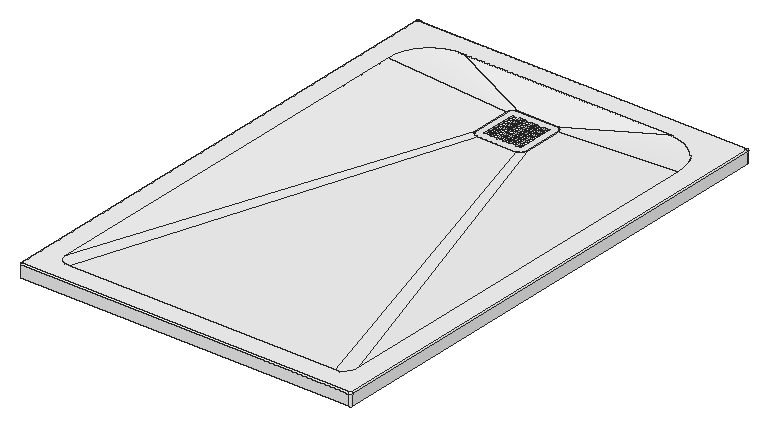
Revit family "IS_UltraFlatS_K8227_BIM_DE", category Plumbing Fixtures, host Face, Revit 2016
Family settings
  Host = Face
  Part Type = Normal
  Round Connector Dimension = Use Diameter
  OmniClass Number = 23.45.05.14.21.11
  OmniClass Title = Bath/Shower Units
  Cut with Voids When Loaded = No
  Shared = No
  Room Calculation Point = No
Parameters (values of type "K8227FR - ULTRAFLAT S PD 120X80 BIANCO")
  WarrantyStartDate = "n/a"
  WarrantyGuarantorParts = "n/a"
  WarrantyGuarantorLabor = "n/a"
  WarrantyDurationUnit = "n/a"
  WarrantyDurationParts = "n/a"
  WarrantyDurationLabor = "n/a"
  WarrantyDescription = "n/a"
  WFU = 0
  VolumeUnits = "Litres"
  Version = "1"
  Uniclass2015Version = "Products v1.1"
  Uniclass2015Title = "Shower trays"
  Uniclass2015Code = "Pr_40_20_06_84"
  URL = "www.idealstandard.de"
  Type Comments = "n/a"
  TagNumber = "n/a"
  SustainabilityPerformance = "n/a"
  Space = "Internal"
  Size = "800 x 1200 x 30 mm"
  Shape = "Rectangular"
  SerialNumber = "n/a"
  ReplacementCost = "n/a"
  ProductInformation = "www.idealstandard.de"
  PredefinedType = "n/a"
  Phone = "+49228 5210"
  NominalWidth = 800 mm
  NominalLength = 1200 mm
  NominalHeight = 30 mm
  NominalDepth = 0 mm
  Name = "ISI_IdealStandard_Showers_Ultra Flat S_K8227FR"
  ModelReference = "IS Rechteck-Brausewanne ULTRA FLAT S, 1200x800x30mm, Carraraweiß"
  ModelNumber = "K8227FR"
  Model = "K8227FR"
  Material = "Sanitary Brass"
  ManufacturerURL = "www.idealstandard.de"
  Manufacturer = "idealstandard.de@idealstandard.com"
  MainMaterial = IS_RenderMaterial_White
  LinearUnits = "millimeters"
  Keynote = ""
  InstallationInstructions = "www.idealstandard.de\\produkte"
  InstallationDate = "1900-12-31T23:59:59"
  Help = "idealstandard.de@idealstandard.com"
  HWFU = 0
  GrossWeight = "37 kg"
  Grade = "n/a"
  Finish = "Pure White"
  Features = "ULTRA FLAT S rectangular shower tray 1200x800mm"
  ExpectedLife = "25"
  DurationUnit = "year"
  DistributedBy = "n/a"
  Description = "Ultraflat S Pd 120 x 80 Bianco"
  Default Elevation = 0 mm
  CurrencyUnit = "€"
  CreatedOn = "42774"
  Cost = 0
  Constituents = "n/a"
  ConnectionType = "Plumbing"
  Color = "Pure White"
  CodePerformance = "0"
  CWFU = 0
  Brand = "Ideal Standard"
  BarCode = "4015413067621"
  BIMObjectName = "ISI_IdealStandard_Showers_Ultra Flat S_K8227FR"
  Author = "Ideal Standard"
  AssetType = "Fixed"
  AssetIdentifier = "n/a"
  Assembly Code = "C1030200"
  AreaUnits = "millimeters"
  AreaMeasurement = "n/a"
  Accessories = "www.idealstandard.de\\ersatzteile"
  AccessibilityPerformance = "n/a"
Types (5, lengths in mm): name | Name | ModelReference | ModelNumber | Model | MainMaterial | Finish | Description | Color | BarCode | BIMObjectName
  K8227FR - ULTRAFLAT S PD 120X80 BIANCO | "ISI_IdealStandard_Showers_Ultra Flat S_K8227FR" | "IS Rechteck-Brausewanne ULTRA FLAT S, 1200x800x30mm, Carraraweiß" | "K8227FR" | "K8227FR" | IS_RenderMaterial_White | "Pure White" | "Ultraflat S Pd 120 x 80 Bianco" | "Pure White" | "4015413067621" | "ISI_IdealStandard_Showers_Ultra Flat S_K8227FR"
  K8227FS - ULTRAFLAT S PD 120X80 GRIGIO CEMENTO | "ISI_IdealStandard_Showers_Ultra Flat S_K8227FS" | "IS Rechteck-Brausewanne ULTRA FLAT S, 1200x800x30mm, Quarzgrau" | "K8227FS" | "K8227FS" | IS_RenderMaterial_Grey | "Concrete Grey" | "Ultraflat S Pd 120 x 80 Grigio Cemento" | "Concrete Grey" | "4015413070614" | "ISI_IdealStandard_Showers_Ultra Flat S_K8227FS"
  K8227FT - ULTRAFLAT S PD 120X80 SABBIA | "ISI_IdealStandard_Showers_Ultra Flat S_K8227FT" | "IS Rechteck-Brausewanne ULTRA FLAT S, 1200x800x30mm, Sandstein" | "K8227FT" | "K8227FT" | IS_RenderMaterial_Sand | "Beach Sand" | "Ultraflat S Pd 120 x 80 Sabbia" | "Beach Sand" | "4015413070980" | "ISI_IdealStandard_Showers_Ultra Flat S_K8227FT"
  K8227FV - ULTRAFLAT S PD 120X80 NERO | "ISI_IdealStandard_Showers_Ultra Flat S_K8227FV" | "IS Rechteck-Brausewanne ULTRA FLAT S, 1200x800x30mm, Schiefer" | "K8227FV" | "K8227FV" | IS_RenderMaterial_Black | "Jet Black" | "Ultraflat S Pd 120 x 80 Nero" | "Jet Black" | "4015413071741" | "ISI_IdealStandard_Showers_Ultra Flat S_K8227FV"
  K8227FU - ULTRAFLAT S PD 120X80 MOKA | "ISI_IdealStandard_Showers_Ultra Flat S_K8227FU" | "IS Rechteck-Brausewanne ULTRA FLAT S, 1200x800x30mm, Lavabraun" | "K8227FU" | "K8227FU" | IS_RenderMaterial_Moka | "Deep Moka" | "Ultraflat S Pd 120 x 80 Moka" | "Deep Moka" | "4015413071437" | "ISI_IdealStandard_Showers_Ultra Flat S_K8227FU"
Reference planes
  plane 1 "Center (Front/Back)": y = 0
  plane 2: z = 0
  plane 3 "Center (Left/Right)": x = 0
  plane 4: x = 400
  plane 5: y = -1200
  plane 6: x = 1200
  plane 7: y = -1150
  plane 8: x = 350
  plane 9: x = -350
  plane 10: y = -50
  plane 11: y = -200
  plane 12: z = 30
  plane 13: x = -400
  plane 14: x = 400
Forms (mm)
  Extrusion 1, solid, material "IS_RenderMaterial_White" <- "MainMaterial"
    sketch origin (0, 0, 0) x (1, 0, 0) y (0, 1, 0)
      loop
        arc (-395, 0) -> (-398.536, -1.464) -> (-400, -5) r 5
        line (-400, -5) -> (-400, -1195)
        arc (-400, -1195) -> (-398.536, -1198.536) -> (-395, -1200) r 5
        line (-395, -1200) -> (395, -1200)
        arc (395, -1200) -> (398.536, -1198.536) -> (400, -1195) r 5
        line (400, -1195) -> (400, -5)
        arc (400, -5) -> (398.536, -1.464) -> (395, 0) r 5
        line (395, 0) -> (-395, 0)
    from 0 to 30
  Blend 2, void
    base sketch origin (0, 39.744, 30) x (-1, 0, 0) y (0, -1, 0)
      loop
        arc (250, 89.744) -> (320.711, 119.033) -> (350, 189.744) r 100
        line (350, 189.744) -> (350, 1159.744)
        arc (350, 1159.744) -> (341.213, 1180.957) -> (320, 1189.744) r 30
        line (320, 1189.744) -> (-320, 1189.744)
        arc (-320, 1189.744) -> (-341.213, 1180.957) -> (-350, 1159.744) r 30
        line (-350, 1159.744) -> (-350, 189.744)
        arc (-350, 189.744) -> (-320.711, 119.033) -> (-250, 89.744) r 100
        line (-250, 89.744) -> (250, 89.744)
    top sketch origin (0, 39.744, 30) x (-1, 0, 0) y (0, -1, 0)
      loop
        arc (47.5, 177.244) -> (58.107, 181.637) -> (62.5, 192.244) r 15
        line (62.5, 192.244) -> (62.5, 287.244)
        arc (62.5, 287.244) -> (58.107, 297.85) -> (47.5, 302.244) r 15
        line (47.5, 302.244) -> (-47.5, 302.244)
        arc (-47.5, 302.244) -> (-58.107, 297.85) -> (-62.5, 287.244) r 15
        line (-62.5, 287.244) -> (-62.5, 192.244)
        arc (-62.5, 192.244) -> (-58.107, 181.637) -> (-47.5, 177.244) r 15
        line (-47.5, 177.244) -> (47.5, 177.244)
    from 0 to -15
  Revolve 3, void
    sketch origin (-65.411, -200, 1219.2) x (-1, 0, 0) y (0, 0, 1)
      loop
        line (-65.411, -1219.2) -> (-20.411, -1219.2) -> (-20.411, -1214.2) -> (-13.411, -1207.2) -> (-65.411, -1207.2) -> (-65.411, -1219.2)
      axis (-65.411, -1219.2) -> (-65.411, -1207.2)
    angle from 0 to 360
  Extrusion 4, void
    sketch origin (0, -134.515, 12) x (-1, 0, 0) y (0, 1, 0)
      loop
        arc (-47.5, -2.985) -> (-58.107, -7.379) -> (-62.5, -17.985) r 15
        line (-62.5, -17.985) -> (-62.5, -112.985)
        arc (-62.5, -112.985) -> (-58.107, -123.592) -> (-47.5, -127.985) r 15
        line (-47.5, -127.985) -> (47.5, -127.985)
        arc (47.5, -127.985) -> (58.107, -123.592) -> (62.5, -112.985) r 15
        line (62.5, -112.985) -> (62.5, -17.985)
        arc (62.5, -17.985) -> (58.107, -7.379) -> (47.5, -2.985) r 15
        line (47.5, -2.985) -> (-47.5, -2.985)
    from 0 to -3
  Extrusion 5, solid, material "Chrome - Polished"
    sketch origin (0, -134.515, 12) x (0, 1, 0) y (-1, 0, 0)
      loop
        arc (-4.985, 46.539) -> (-9.074, 56.411) -> (-18.946, 60.5) r 13.961
        line (-18.946, 60.5) -> (-111.985, 60.5)
        arc (-111.985, 60.5) -> (-121.885, 56.399) -> (-125.985, 46.5) r 14
        line (-125.985, 46.5) -> (-125.985, -46.5)
        arc (-125.985, -46.5) -> (-121.885, -56.399) -> (-111.985, -60.5) r 14
        line (-111.985, -60.5) -> (-18.985, -60.5)
        arc (-18.985, -60.5) -> (-9.086, -56.399) -> (-4.985, -46.5) r 14
        line (-4.985, -46.5) -> (-4.985, 46.539)
      loop
        line (-64.007, 45) -> (-64.007, 32) -> (-52.007, 32) -> (-52.007, 45) -> (-64.007, 45)
      loop
        line (-49.007, 45) -> (-49.007, 32) -> (-37.007, 32) -> (-37.007, 45) -> (-49.007, 45)
      loop
        line (-34.007, 45) -> (-34.007, 32) -> (-22.007, 32) -> (-22.007, 45) -> (-34.007, 45)
      loop
        line (-34.007, 29) -> (-34.007, 16) -> (-22.007, 16) -> (-22.007, 29) -> (-34.007, 29)
      loop
        line (-34.007, 13) -> (-34.007, 1.526) -> (-22.007, 1.526) -> (-22.007, 13) -> (-34.007, 13)
      loop
        line (-37.007, 29) -> (-49.007, 29) -> (-49.007, 16) -> (-37.007, 16) -> (-37.007, 29)
      loop
        line (-37.007, 13) -> (-49.007, 13) -> (-49.007, 1.526) -> (-37.007, 1.526) -> (-37.007, 13)
      loop
        line (-52.007, 29) -> (-64.007, 29) -> (-64.007, 16) -> (-52.007, 16) -> (-52.007, 29)
      loop
        line (-52.007, 13) -> (-64.007, 13) -> (-64.007, 1.526) -> (-52.007, 1.526) -> (-52.007, 13)
      loop
        line (-64.007, -45) -> (-52.007, -45) -> (-52.007, -32) -> (-64.007, -32) -> (-64.007, -45)
      loop
        line (-49.007, -45) -> (-37.007, -45) -> (-37.007, -32) -> (-49.007, -32) -> (-49.007, -45)
      loop
        line (-34.007, -45) -> (-22.007, -45) -> (-22.007, -32) -> (-34.007, -32) -> (-34.007, -45)
      loop
        line (-34.007, -29) -> (-22.007, -29) -> (-22.007, -16) -> (-34.007, -16) -> (-34.007, -29)
      loop
        line (-34.007, -13) -> (-22.007, -13) -> (-22.007, -1.526) -> (-34.007, -1.526) -> (-34.007, -13)
      loop
        line (-37.007, -29) -> (-37.007, -16) -> (-49.007, -16) -> (-49.007, -29) -> (-37.007, -29)
      loop
        line (-37.007, -13) -> (-37.007, -1.526) -> (-49.007, -1.526) -> (-49.007, -13) -> (-37.007, -13)
      loop
        line (-52.007, -29) -> (-52.007, -16) -> (-64.007, -16) -> (-64.007, -29) -> (-52.007, -29)
      loop
        line (-52.007, -13) -> (-52.007, -1.526) -> (-64.007, -1.526) -> (-64.007, -13) -> (-52.007, -13)
      loop
        line (-66.963, 45) -> (-78.963, 45) -> (-78.963, 32) -> (-66.963, 32) -> (-66.963, 45)
      loop
        line (-81.963, 45) -> (-93.963, 45) -> (-93.963, 32) -> (-81.963, 32) -> (-81.963, 45)
      loop
        line (-96.963, 45) -> (-108.963, 45) -> (-108.963, 32) -> (-96.963, 32) -> (-96.963, 45)
      loop
        line (-96.963, 29) -> (-108.963, 29) -> (-108.963, 16) -> (-96.963, 16) -> (-96.963, 29)
      loop
        line (-96.963, 13) -> (-108.963, 13) -> (-108.963, 1.526) -> (-96.963, 1.526) -> (-96.963, 13)
      loop
        line (-93.963, 29) -> (-93.963, 16) -> (-81.963, 16) -> (-81.963, 29) -> (-93.963, 29)
      loop
        line (-93.963, 13) -> (-93.963, 1.526) -> (-81.963, 1.526) -> (-81.963, 13) -> (-93.963, 13)
      loop
        line (-78.963, 29) -> (-78.963, 16) -> (-66.963, 16) -> (-66.963, 29) -> (-78.963, 29)
      loop
        line (-78.963, 13) -> (-78.963, 1.526) -> (-66.963, 1.526) -> (-66.963, 13) -> (-78.963, 13)
      loop
        line (-66.963, -45) -> (-66.963, -32) -> (-78.963, -32) -> (-78.963, -45) -> (-66.963, -45)
      loop
        line (-81.963, -45) -> (-81.963, -32) -> (-93.963, -32) -> (-93.963, -45) -> (-81.963, -45)
      loop
        line (-96.963, -45) -> (-96.963, -32) -> (-108.963, -32) -> (-108.963, -45) -> (-96.963, -45)
      loop
        line (-96.963, -29) -> (-96.963, -16) -> (-108.963, -16) -> (-108.963, -29) -> (-96.963, -29)
      loop
        line (-96.963, -13) -> (-96.963, -1.526) -> (-108.963, -1.526) -> (-108.963, -13) -> (-96.963, -13)
      loop
        line (-93.963, -29) -> (-81.963, -29) -> (-81.963, -16) -> (-93.963, -16) -> (-93.963, -29)
      loop
        line (-93.963, -13) -> (-81.963, -13) -> (-81.963, -1.526) -> (-93.963, -1.526) -> (-93.963, -13)
      loop
        line (-78.963, -29) -> (-66.963, -29) -> (-66.963, -16) -> (-78.963, -16) -> (-78.963, -29)
      loop
        line (-78.963, -13) -> (-66.963, -13) -> (-66.963, -1.526) -> (-78.963, -1.526) -> (-78.963, -13)
    from 0 to 3
  Sweep 6, void
    path in 3D
      loop
        arc (400, -5, 30) -> (398.536, -1.464, 30) -> (395, 0, 30) r 5
        line (395, 0, 30) -> (-395, 0, 30)
        arc (-395, 0, 30) -> (-398.536, -1.464, 30) -> (-400, -5, 30) r 5
        line (-400, -5, 30) -> (-400, -1195, 30)
        arc (-400, -1195, 30) -> (-398.536, -1198.536, 30) -> (-395, -1200, 30) r 5
        line (-395, -1200, 30) -> (395, -1200, 30)
        arc (395, -1200, 30) -> (398.536, -1198.536, 30) -> (400, -1195, 30) r 5
        line (400, -1195, 30) -> (400, -5, 30)
    profile origin (400, -600, 30) x (-1, 0, 0) y (0, 0, 1)
      loop
        line (0, 0) -> (0, -3)
        arc (0, -3) -> (0.879, -0.879) -> (3, 0) r 3
        line (3, 0) -> (0, 0)
Cuts and joins
  Blend 2, Revolve 3, Extrusion 4, Sweep 6 cuts Extrusion 1
  Blend 2 cuts Extrusion 5
Lines and regions (mm)
  sketch lines
    curve 1: line (400, -1195, 30) -> (400, -5, 30)
    curve 2: arc (400, -1195, 30) -> (398.536, -1198.536, 30) -> (395, -1200, 30) r 5
    curve 3: arc (395, 0, 30) -> (398.536, -1.464, 30) -> (400, -5, 30) r 5
    curve 4: line (395, 0, 30) -> (-395, 0, 30)
    curve 5: arc (-400, -5, 30) -> (-398.536, -1.464, 30) -> (-395, 0, 30) r 5
    curve 6: line (-400, -5, 30) -> (-400, -1195, 30)
    curve 7: arc (-395, -1200, 30) -> (-398.536, -1198.536, 30) -> (-400, -1195, 30) r 5
    curve 8: line (-395, -1200, 30) -> (395, -1200, 30)
Dimensions and locks
  "NominalHeight": level to plane 12
  "NominalWidth": plane 13 to plane 14
  "NominalLength": plane 1 "Center (Front/Back)" to plane 5
  aligned and locked: plane 2 to host face
  aligned and locked: level to host face
Automatic sketch dimensions
  host sketch curve to host sketch curve = 2438.4 mm
  host sketch curve to host sketch curve = 1997.762 mm
  Extrusion 1 sketch curve to plane 13 = 0 mm
  Extrusion 1 sketch curve to plane 5 = 0 mm
  plane 1 "Center (Front/Back)" to Extrusion 1 sketch curve = 0 mm
  Extrusion 1 sketch curve to plane 4 = 0 mm
  Extrusion 1 sketch curve to plane 13 = 5 mm
  Extrusion 1 sketch curve to Extrusion 1 sketch curve = 5 mm
  Extrusion 1 sketch curve to plane 4 = 5 mm  (x2)
  Blend 2 sketch curve to plane 8 = 0 mm
  Blend 2 sketch curve to plane 7 = 0 mm
  Blend 2 sketch curve to plane 10 = 0 mm
  Blend 2 sketch curve to plane 9 = 0 mm
  Blend 2 sketch curve to Blend 2 sketch curve = 30 mm  (x2)
  plane 11 to Blend 2 sketch curve = 50 mm  (x2)
  plane 3 "Center (Left/Right)" to Blend 2 sketch curve = 62.5 mm
  Blend 2 sketch curve to Blend 2 sketch curve = 15 mm  (x3)
  Blend 2 sketch curve to plane 3 "Center (Left/Right)" = 47.5 mm  (x2)
  plane 11 to Blend 2 sketch curve = 62.5 mm
  Blend 2 sketch curve to plane 11 = 47.5 mm
  Revolve 3 sketch curve to level = 0 mm
  Revolve 3 sketch curve to plane 3 "Center (Left/Right)" = 0 mm  (x2)
  level to Revolve 3 sketch curve = 5 mm
  Revolve 3 sketch curve to plane 3 "Center (Left/Right)" = 45 mm
  Revolve 3 sketch curve to Revolve 3 sketch curve = 7 mm
  Revolve 3 sketch curve to Revolve 3 sketch curve = 12 mm
  Revolve 3 sketch curve to level = 10 mm
  plane 12 to Revolve 3 sketch curve = 7.813 mm
  plane 3 "Center (Left/Right)" to Extrusion 4 sketch curve = 62.5 mm
  Extrusion 4 sketch curve to Extrusion 4 sketch curve = 15 mm  (x3)
  Extrusion 4 sketch curve to plane 3 "Center (Left/Right)" = 47.5 mm  (x2)
  plane 11 to Extrusion 4 sketch curve = 62.5 mm
  Extrusion 4 sketch curve to plane 11 = 47.5 mm
  Extrusion 5 sketch curve to plane 11 = 60.5 mm
  Extrusion 5 sketch curve to Extrusion 5 sketch curve = 14 mm  (x3)
  Extrusion 5 sketch curve to Extrusion 5 sketch curve = 3.022 mm  (x3)
  Extrusion 5 sketch curve to Extrusion 5 sketch curve = 0 mm  (x58)
  plane 3 "Center (Left/Right)" to Extrusion 5 sketch curve = 1.526 mm  (x6)
  Extrusion 5 sketch curve to Extrusion 5 sketch curve = 12 mm  (x13)
  Extrusion 5 sketch curve to Extrusion 5 sketch curve = 3 mm  (x34)
  Extrusion 5 sketch curve to plane 11 = 1.478 mm  (x6)
  plane 11 to Extrusion 5 sketch curve = 1.478 mm  (x6)
  Extrusion 5 sketch curve to Extrusion 5 sketch curve = 3.061 mm
  plane 3 "Center (Left/Right)" to Extrusion 5 sketch curve = 13 mm
  Extrusion 5 sketch curve to Extrusion 5 sketch curve = 11.474 mm  (x4)
  Extrusion 5 sketch curve to Extrusion 5 sketch curve = 13 mm  (x8)
  Extrusion 5 sketch curve to Extrusion 5 sketch curve = 1.5 mm  (x2)
  Extrusion 5 sketch curve to plane 3 "Center (Left/Right)" = 1.526 mm  (x6)
  Sweep 6 sketch curve to profile plane = 0 mm  (x2)
  Sweep 6 sketch curve to profile plane = 3 mm
Connectors
  piping at (0, -200, 0), diameter 90
    settings: on cut or joined group of Extrusion 1, Blend 2, Revolve 3, Extrusion 4, Sweep 6, index 1, connector inside diameter 609.6 mm, connector length 0 mm, flow factor 0, pipe flow 0.0 L/s, pressure drop 0.0 Pa, fitting loss kfactor 0, connector angle 0.00°, fixture units 0, engagement length 0 mm, angle of deflection 0.00°, flow configuration 2, flow direction 2, fitting loss method 0, system type 16, joint type 0, gender type 0, connector reference index -1, connector utility 0, adjustable connector no, is connector primary yes, connector description ""
